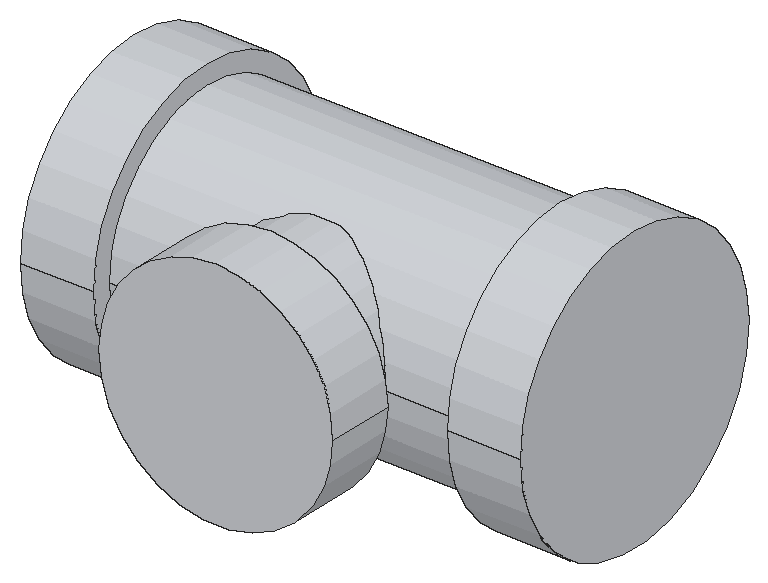
Revit family "M_Redução em T - Rosqueada - MI - Classe 150", category Conexões de tubo, Revit 2019
Family settings
  Cota do conector redondo = Usar raio
  Tipo de parte = Tê
  Número OmniClass = 23.60.30.11.14
  Título OmniClass = Pipework Fittings
  ID de item do Seek = Tee Reducing - Threaded - MI - Class 150-0000-CAN-ENU
  Com base no plano de trabalho = Não
  Sempre na vertical = Sim
  Corte com vazios quando carregada = Não
  Compartilhado = Não
Parameters (values of type "Padrão")
  Tamanho da marca de cota 3 [instance] = Diâmetro externo da conexão 3 * 0.4  # 5.952 mm
  Tamanho da marca de cota 2 [instance] = Diâmetro externo da conexão 2 * 0.4  # 7.408 mm
  Tamanho da marca de cota 1 [instance] = Diâmetro externo da conexão 1 * 0.4  # 7.408 mm
  Raio nominal 3 [instance] = 3 mm
  Raio nominal 2 [instance] = 4 mm
  Raio nominal 1 [instance] = 4 mm
  Diâmetro nominal 3 [instance] = Raio nominal 3 * 2  # 6 mm
  Diâmetro nominal 2 [instance] = Raio nominal 2 * 2  # 8 mm
  Diâmetro nominal 1 [instance] = Raio nominal 1 * 2  # 8 mm
  Espessura do Metal 3 [instance] = size_lookup(Nome da tabela de pesquisa, "MThk", 0.04 * Diâmetro nominal 3 + 2.183 mm, Diâmetro nominal 3)  # 2.29 mm
  Espessura do Metal 2 [instance] = size_lookup(Nome da tabela de pesquisa, "MThk", 0.04 * Diâmetro nominal 2 + 2.183 mm, Diâmetro nominal 2)  # 2.41 mm
  Espessura do Metal 1 [instance] = size_lookup(Nome da tabela de pesquisa, "MThk", 0.04 * Diâmetro nominal 1 + 2.183 mm, Diâmetro nominal 1)  # 2.41 mm
  Método de perda = Coeficiente K da tabela
  Nome da tabela de pesquisa = "M_Tee Reducing - Threaded - MI - Class 150"
  Tabela de coeficiente K = "T rosqueado"
  C2 Comprimento 2 [instance] = if(and(Ângulo < 90.00°, Comprimento 1 < 0 mm), Raio externo máximo da fita 12 / tan(Ângulo - atan(Raio externo da fita 3 / C3 Comprimento 1)) + Largura da fita 2, Centro ao final 2)  # 18.8 mm
  Raio externo máximo da fita 12 [instance] = if(Raio externo da fita 1 > Raio externo da fita 2, Raio externo da fita 1, Raio externo da fita 2)  # 10.7 mm
  C3 Comprimento 2 [instance] = if(and(Ângulo < 90.00°, Comprimento 1 < 0 mm), (Raio externo máximo da fita 12 + Raio externo da fita 3 * cos(Ângulo)) / sin(Ângulo) + Largura da fita 3, if(and(Ângulo > 90.00°, Comprimento 1 < 0 mm), (Raio externo máximo da fita 12 + Raio externo da fita 3 * cos(180.00° - Ângulo)) / sin(180.00° - Ângulo) + Largura da fita 3, Raio externo máximo da fita 12 + Largura da fita 3))  # 15.8 mm
  C3 Comprimento 1 [instance] = C3 Comprimento 2 - Largura da fita 3  # 10.7 mm
  C2 Comprimento 1 [instance] = C2 Comprimento 2 - Largura da fita 2  # 13.3 mm
  C1 Comprimento 2 [instance] = if(and(Ângulo > 90.00°, Comprimento 1 < 0 mm), Raio externo máximo da fita 12 / tan(180.00° - Ângulo - atan(Raio externo da fita 3 / C3 Comprimento 1)) + Largura da fita 1, Centro ao final 1)  # 18.8 mm
  C1 Comprimento 1 [instance] = C1 Comprimento 2 - Largura da fita 1  # 13.3 mm
  Comprimento 1 [instance] = if(Ângulo < 90.00°, ((Centro ao final 3 - Largura da fita 3) / cos(Ângulo 1) * sin(Ângulo - Ângulo 1) - Raio externo máximo da fita 12), ((Centro ao final 3 - Largura da fita 3) / cos(Ângulo 1) * sin(180.00° - Ângulo - Ângulo 1) - Raio externo máximo da fita 12))  # 3.5 mm
  Raio externo da conexão 3 [instance] = Diâmetro externo da conexão 3 / 2  # 7.44 mm
  Raio externo da conexão 2 [instance] = Diâmetro externo da conexão 2 / 2  # 9.26 mm
  Raio externo da conexão 1 [instance] = Diâmetro externo da conexão 1 / 2  # 9.26 mm
  Diâmetro externo da conexão 3 [instance] = Diâmetro interior da conexão 3 + Espessura do Metal 3 * 2  # 14.88 mm
  Diâmetro externo da conexão 2 [instance] = Diâmetro interno da conexão 2 + Espessura do Metal 2 * 2  # 18.52 mm
  Diâmetro externo da conexão 1 [instance] = Diâmetro interno da conexão 1 + Espessura do Metal 1 * 2  # 18.52 mm
  Diâmetro interior da conexão 3 [instance] = size_lookup(Nome da tabela de pesquisa, "FID", 1.08 * Diâmetro nominal 3 + 5.159 mm, Diâmetro nominal 3)  # 10.3 mm
  Diâmetro interno da conexão 2 [instance] = size_lookup(Nome da tabela de pesquisa, "FID", 1.08 * Diâmetro nominal 2 + 5.159 mm, Diâmetro nominal 2)  # 13.7 mm
  Diâmetro interno da conexão 1 [instance] = size_lookup(Nome da tabela de pesquisa, "FID", 1.08 * Diâmetro nominal 1 + 5.159 mm, Diâmetro nominal 1)  # 13.7 mm
  Centro ao final 3 [instance] = size_lookup(Nome da tabela de pesquisa, "CtE3", 0.58 * Diâmetro nominal 1 - 0.01 * Diâmetro nominal 2 + 0.23 * Diâmetro nominal 3 + 16.768 mm, (Diâmetro nominal 1), (Diâmetro nominal 2), (Diâmetro nominal 3))  # 19.3 mm
  Centro ao final 2 [instance] = size_lookup(Nome da tabela de pesquisa, "CtE2", 0.1 * Diâmetro nominal 1 + 0.15 * Diâmetro nominal 2 + 0.53 * Diâmetro nominal 3 + 17.363 mm, (Diâmetro nominal 1), (Diâmetro nominal 2), (Diâmetro nominal 3))  # 18.8 mm
  Centro ao final 1 [instance] = size_lookup(Nome da tabela de pesquisa, "CtE1", 0.29 * Diâmetro nominal 1 - 0.05 * Diâmetro nominal 2 + 0.52 * Diâmetro nominal 3 + 17.959 mm, (Diâmetro nominal 1), (Diâmetro nominal 2), (Diâmetro nominal 3))  # 18.8 mm
  Largura da fita 3 [instance] = size_lookup(Nome da tabela de pesquisa, "BWid", 0.12 * Diâmetro nominal 3 + 4.465 mm, Diâmetro nominal 3)  # 5.1 mm
  Largura da fita 2 [instance] = size_lookup(Nome da tabela de pesquisa, "BWid", 0.12 * Diâmetro nominal 2 + 4.465 mm, Diâmetro nominal 2)  # 5.5 mm
  Largura da fita 1 [instance] = size_lookup(Nome da tabela de pesquisa, "BWid", 0.12 * Diâmetro nominal 1 + 4.465 mm, Diâmetro nominal 1)  # 5.5 mm
  Raio externo da fita 3 [instance] = Diâmetro externo da fita 3 / 2  # 8.8 mm
  Raio externo da fita 2 [instance] = Diâmetro externo da fita 2 / 2  # 10.7 mm
  Raio externo da fita 1 [instance] = Diâmetro externo da fita 1 / 2  # 10.7 mm
  Diâmetro externo da fita 3 [instance] = size_lookup(Nome da tabela de pesquisa, "BOD", 1.23 * Diâmetro nominal 3 + 12.402 mm, Diâmetro nominal 3)  # 17.6 mm
  Diâmetro externo da fita 2 [instance] = size_lookup(Nome da tabela de pesquisa, "BOD", 1.23 * Diâmetro nominal 2 + 12.402 mm, Diâmetro nominal 2)  # 21.4 mm
  Diâmetro externo da fita 1 [instance] = size_lookup(Nome da tabela de pesquisa, "BOD", 1.23 * Diâmetro nominal 1 + 12.402 mm, Diâmetro nominal 1)  # 21.4 mm
  Ângulo 1 [instance] = atan(Raio externo da fita 3 / (Centro ao final 3 - Largura da fita 3))  # 31.7873°
  Ângulo [instance] = 90.00°
Reference planes
  plane 1 "Centro (Frente/Trás)": y = 0
  plane 2: z = 0
  plane 3 "Centro (Esquerda/Direita)": x = 0
  plane 4: x = -13.3
  plane 5: x = 13.3
  plane 6: x = -18.8
  plane 7: x = 18.8
  plane 8: y = 7.408
  plane 9: y = -7.408
  plane 10: x = -13.3
  plane 11: x = 13.3
  plane 12: y = 7.408
  plane 13: y = -7.408
Forms (mm)
  Blend 1, solid, detail levels fine
    base sketch origin (0, 0, 0) x (0, 1, 0) y (0, 0, 1)
      loop
        circle (0, 0) r 9.26
    top sketch origin (0, 0, 0) x (0, 1, 0) y (0, 0, 1)
      loop
        circle (0, 0) r 9.26
    from -13.3 to 13.3
  Sweep 2, solid, detail levels fine
    path in 3D
      loop
        line (-18.8, 0, 0) -> (-13.3, 0, 0)
    profile origin (-16.05, 0, 0) x (0, 1, 0) y (0, 0, 1)
      loop
        circle (0, 0) r 10.7
  Sweep 3, solid, detail levels fine
    path in 3D
      loop
        line (13.3, 0, 0) -> (18.8, 0, 0)
    profile origin (16.05, 0, 0) x (0, 1, 0) y (0, 0, 1)
      loop
        circle (0, 0) r 10.7
  Sweep 4, solid, detail levels fine
    path in 3D
      loop
        line (0, 0, 0) -> (0, -10.7, 0)
    profile origin (0, -5.35, 0) x (1, 0, 0) y (0, 0, 1)
      loop
        circle (0, 0) r 7.44
  Sweep 5, solid, detail levels fine
    path in 3D
      loop
        line (0, -10.7, 0) -> (0, -15.8, 0)
    profile origin (0, -13.25, 0) x (1, 0, 0) y (0, 0, 1)
      loop
        circle (0, 0) r 8.8
Cuts and joins
  joined: Blend 1, Sweep 2, Sweep 3, Sweep 4, Sweep 5
Lines and regions (mm)
  model lines, detail levels coarse+medium
    curve 1: line (-18.8, 7.408, 0) -> (-18.8, -7.408, 0)
    curve 2: line (18.8, 7.408, 0) -> (18.8, -7.408, 0)
    curve 14: line (0, 0, 0) -> (0, -15.8, 0)
    curve 15: line (0, 0, 0) -> (18.8, 0, 0)
    curve 16: line (0, 0, 0) -> (-18.8, 0, 0)
    curve 17: line (5.952, -15.8, 0) -> (-5.952, -15.8, 0)
  reference lines
    curve 3: line (0, 0, 0) -> (0, -10.7, 0)
    curve 4: line (0, -10.7, 0) -> (0, -15.8, 0)
    curve 5: line (13.3, 0, 0) -> (18.8, 0, 0)
    curve 6: line (-18.8, 0, 0) -> (-13.3, 0, 0)
    curve 7: line (-18.8, 0, 0) -> (-13.3, 0, 0)
    curve 8: line (13.3, 0, 0) -> (18.8, 0, 0)
    curve 9: line (0, -15.8, 0) -> (0, -10.7, 0)
  sketch lines
    curve 10: line (-18.8, 0, 0) -> (-13.3, 0, 0)
    curve 11: line (13.3, 0, 0) -> (18.8, 0, 0)
    curve 12: line (0, 0, 0) -> (0, -10.7, 0)
    curve 13: line (0, -10.7, 0) -> (0, -15.8, 0)
Dimensions and locks
  "C1 Comprimento 1": plane 4 to plane 3 "Centro (Esquerda/Direita)"
  "C2 Comprimento 1": plane 3 "Centro (Esquerda/Direita)" to plane 5
  "C1 Comprimento 2": plane 6 to plane 3 "Centro (Esquerda/Direita)"
  equal spacing: plane 8, plane 1 "Centro (Frente/Trás)", plane 9
  "Tamanho da marca de cota 1": plane 8 to plane 1 "Centro (Frente/Trás)"
  "C3 Comprimento 1": curve 3 to curve 4
  "Largura da fita 3": curve 4 to curve 4
  "C2 Comprimento 2": plane 3 "Centro (Esquerda/Direita)" to plane 7
  equal spacing: plane 12, plane 1 "Centro (Frente/Trás)", plane 13
  "Tamanho da marca de cota 2": plane 12 to plane 1 "Centro (Frente/Trás)"
  "C3 Comprimento 2": curve 14 to curve 14
  equal spacing: curve 17, curve 14, curve 17
  "Tamanho da marca de cota 3": curve 14 to curve 17
  "Raio externo da conexão 1": radius of Blend 1 sketch curve
  "Raio externo da conexão 2": radius of Blend 1 sketch curve
  "Raio externo da fita 1": radius of Sweep 2 sketch curve
  "Raio externo da fita 2": radius of Sweep 3 sketch curve
  "Raio externo da conexão 3": radius of Sweep 4 sketch curve
  "Raio externo da fita 3": radius of Sweep 5 sketch curve
  "Ângulo": angle curve 3 to plane 1 "Centro (Frente/Trás)"
  "Ângulo": angle curve 4 to plane 1 "Centro (Frente/Trás)"
  "Ângulo": angle curve 9 to plane 1 "Centro (Frente/Trás)"
  "Ângulo": angle curve 14 to plane 1 "Centro (Frente/Trás)"
  "Ângulo": angle curve 17 to plane 5
  aligned and locked: plane 8 to curve 1
  aligned and locked: plane 9 to curve 1
  aligned and locked: curve 1 to plane 6
  aligned and locked: curve 2 to plane 7
  aligned and locked: plane 3 "Centro (Esquerda/Direita)" to curve 3
  aligned and locked: plane 6 to curve 6
  aligned and locked: plane 4 to curve 6
  aligned and locked: plane 5 to curve 5
  aligned and locked: plane 7 to curve 5
  aligned and locked: plane 1 "Centro (Frente/Trás)" to curve 5
  aligned and locked: plane 1 "Centro (Frente/Trás)" to curve 6
  aligned and locked: plane 6 to curve 7
  aligned and locked: plane 10 to curve 7
  aligned and locked: plane 1 "Centro (Frente/Trás)" to curve 7
  aligned and locked: plane 11 to curve 8
  aligned and locked: plane 7 to curve 8
  aligned and locked: plane 1 "Centro (Frente/Trás)" to curve 8
  aligned and locked: plane 1 "Centro (Frente/Trás)" to Blend 1 sketch curve  (x2)
  aligned and locked: plane 2 to Blend 1 sketch curve  (x2)
  aligned and locked: Blend 1 to plane 4
  aligned and locked: plane 5 to Blend 1
  aligned and locked: plane 1 "Centro (Frente/Trás)" to Sweep 2 sketch curve
  aligned and locked: plane 2 to Sweep 2 sketch curve
  aligned and locked: plane 1 "Centro (Frente/Trás)" to Sweep 3 sketch curve
  aligned and locked: plane 2 to Sweep 3 sketch curve
  aligned and locked: plane 13 to curve 2
  aligned and locked: plane 12 to curve 2
  aligned and locked: profile plane to Sweep 4 sketch curve  (x2)
  aligned and locked: profile plane to Sweep 5 sketch curve  (x2)
  aligned and locked: plane 3 "Centro (Esquerda/Direita)" to curve 14
  aligned and locked: plane 1 "Centro (Frente/Trás)" to curve 14
  aligned and locked: plane 7 to curve 15
  aligned and locked: plane 6 to curve 16
Automatic sketch dimensions
  curve 3 to plane 1 "Centro (Frente/Trás)" = 0 mm
Connectors
  piping at (-18.8, 0, 0), diameter 8, driven by "Raio nominal 1"
    settings: on cut or joined group of Blend 1, Sweep 2, Sweep 3, Sweep 4, Sweep 5, index 1, connector inside diameter 8 mm, connector length 0 mm, flow factor 0, pipe flow 0.0 L/s, pressure drop 0.0 Pa, fitting loss kfactor 0, connector angle 0.00°, fixture units 0, engagement length 0 mm, angle of deflection 0.00°, flow configuration 0, flow direction 0, fitting loss method 0, system type 28, joint type 0, gender type 0, connector reference index 2, connector utility 0, adjustable connector no, is connector primary yes, connector description ""
  piping at (18.8, 0, 0), diameter 8, driven by "Raio nominal 2"
    settings: on cut or joined group of Blend 1, Sweep 2, Sweep 3, Sweep 4, Sweep 5, index 2, connector inside diameter 8 mm, connector length 0 mm, flow factor 0, pipe flow 0.0 L/s, pressure drop 0.0 Pa, fitting loss kfactor 0, connector angle 0.00°, fixture units 0, engagement length 0 mm, angle of deflection 0.00°, flow configuration 0, flow direction 0, fitting loss method 0, system type 28, joint type 0, gender type 0, connector reference index 1, connector utility 0, adjustable connector no, is connector primary no, connector description ""
  piping at (0, -15.8, 0), diameter 6, driven by "Raio nominal 3", driven by "Ângulo"
    settings: on cut or joined group of Blend 1, Sweep 2, Sweep 3, Sweep 4, Sweep 5, index 3, connector inside diameter 6 mm, connector length 0 mm, flow factor 0, pipe flow 0.0 L/s, pressure drop 0.0 Pa, fitting loss kfactor 0, connector angle 90.00°, fixture units 0, engagement length 0 mm, angle of deflection 0.00°, flow configuration 0, flow direction 0, fitting loss method 0, system type 28, joint type 0, gender type 0, connector reference index -1, connector utility 0, adjustable connector no, is connector primary no, connector description ""
